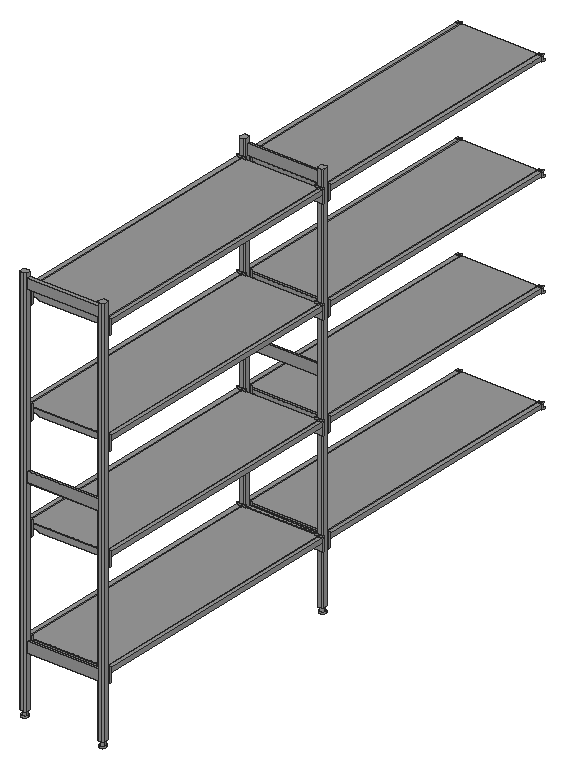
Revit family "QF_ZANUSSI_137066_ACS2372", category Attrezzature speciali, Revit 2020 (continued)
Definition of nested family "WT_Aggancio373"
  Lines and regions (mm)
    symbolic lines
      curve 7: line (-408, 23, 0) -> (-412, 23, 0)
      curve 8: line (-408, 3.978, 0) -> (-408, 23, 0)
  Dimensions and locks
    "Height": plane 5 "TOP" to level
    "Depth": plane 3 "BACK" to plane 4 "FRONT"
    "Dint": plane 7 to plane 8
    equal spacing: plane 7, plane 6 "Center (Front/Back)", plane 8
    equal spacing: plane 3 "BACK", plane 6 "Center (Front/Back)", plane 4 "FRONT"
    plane 9 "FEET" to level = 25.0 mm
    plane 5 "TOP" to plane 9 "FEET" = 1700.0 mm
    plane 10 to plane 9 "FEET" = 250.0 mm
    plane 11 to plane 10 = 450.0 mm
    plane 12 to plane 11 = 450.0 mm
    plane 13 to plane 12 = 450.0 mm
    locked: plane 3 "BACK" to plane 15 "CYBack" at 17.5
    locked: plane 16 "CYFront" to plane 4 "FRONT" at 17.5
    aligned and locked: level to plane 1
    aligned and locked: Extrusion 1 sketch curve to Extrusion 1 sketch curve  (x3)
  Automatic sketch dimensions
    plane 16 "CYFront" to Extrusion 1 sketch curve = 1.478 mm  (x4)
    Extrusion 1 sketch curve to Extrusion 1 sketch curve = 2.0 mm
    plane 8 to Extrusion 1 sketch curve = 3.478 mm  (x4)
    Extrusion 1 sketch curve to plane 10 = 4.006 mm
    Extrusion 1 sketch curve to Extrusion 1 sketch curve = 34.0 mm  (x4)
    Extrusion 1 sketch curve to plane 11 = 4.006 mm
    Extrusion 1 sketch curve to plane 12 = 4.006 mm
    Extrusion 1 sketch curve to plane 13 = 4.006 mm
    Extrusion 1 sketch curve to plane 7 = 37.522 mm  (x4)
    Extrusion 1 sketch curve to plane 7 = 3.522 mm  (x4)
    plane 14 to Extrusion 1 sketch curve = 3.516 mm  (x4)
    plane 14 to Extrusion 1 sketch curve = 1.522 mm  (x4)
    plane 10 to Extrusion 1 sketch curve = 7.998 mm  (x2)
    Extrusion 1 sketch curve to Extrusion 1 sketch curve = 11.498 mm  (x4)
    Extrusion 1 sketch curve to Extrusion 1 sketch curve = 6.499 mm  (x8)
    plane 11 to Extrusion 1 sketch curve = 7.998 mm  (x2)
    plane 12 to Extrusion 1 sketch curve = 7.998 mm  (x2)
    plane 13 to Extrusion 1 sketch curve = 7.998 mm  (x2)
    plane 2 "LEFT" to Extrusion 2 sketch curve = 0.0 mm  (x4)
    plane 13 to Extrusion 2 sketch curve = 7.996 mm
    plane 11 to Extrusion 2 sketch curve = 7.996 mm
    Extrusion 2 sketch curve to Extrusion 2 sketch curve = 5.0 mm  (x4)
    plane 11 to Extrusion 2 sketch curve = 2.494 mm
    plane 10 to Extrusion 2 sketch curve = 28.996 mm
    Extrusion 2 sketch curve to Extrusion 2 sketch curve = 3.0 mm  (x4)
    plane 10 to Extrusion 2 sketch curve = 7.996 mm
    plane 10 to Extrusion 2 sketch curve = 2.494 mm
    Extrusion 2 sketch curve to Extrusion 2 sketch curve = 18.0 mm  (x3)
    plane 12 to Extrusion 2 sketch curve = 2.494 mm
    plane 12 to Extrusion 2 sketch curve = 7.996 mm
    plane 13 to Extrusion 2 sketch curve = 2.494 mm
    plane 2 "LEFT" to Extrusion 3 sketch curve = 0.0 mm  (x4)
    plane 13 to Extrusion 3 sketch curve = 7.996 mm
    plane 11 to Extrusion 3 sketch curve = 7.996 mm
    Extrusion 3 sketch curve to Extrusion 3 sketch curve = 5.0 mm  (x4)
    plane 11 to Extrusion 3 sketch curve = 2.494 mm
    plane 10 to Extrusion 3 sketch curve = 28.996 mm
    Extrusion 3 sketch curve to Extrusion 3 sketch curve = 3.0 mm  (x4)
    plane 10 to Extrusion 3 sketch curve = 7.996 mm
    plane 10 to Extrusion 3 sketch curve = 2.494 mm
    Extrusion 3 sketch curve to Extrusion 3 sketch curve = 18.0 mm  (x3)
    plane 12 to Extrusion 3 sketch curve = 2.494 mm
    plane 12 to Extrusion 3 sketch curve = 7.996 mm
    plane 13 to Extrusion 3 sketch curve = 2.494 mm
    plane 2 "LEFT" to curve 1 = 5.0 mm
    plane 2 "LEFT" to curve 7 = 5.0 mm
    curve 1 to plane 16 "CYFront" = 17.5 mm
    curve 3 to plane 8 = 12.522 mm
    plane 7 to curve 5 = 12.478 mm
    curve 7 to plane 14 = 17.5 mm
    curve 5 to curve 5 = 4.0 mm
    curve 1 to curve 4 = 4.0 mm
    Extrusion 2 sketch curve to Extrusion 2 sketch curve = 4.0 mm  (x4)
    Extrusion 2 sketch curve to Extrusion 2 sketch curve = 8.969 mm  (x4)
    Extrusion 3 sketch curve to Extrusion 3 sketch curve = 4.0 mm  (x4)
    Extrusion 3 sketch curve to Extrusion 3 sketch curve = 8.969 mm  (x4)
